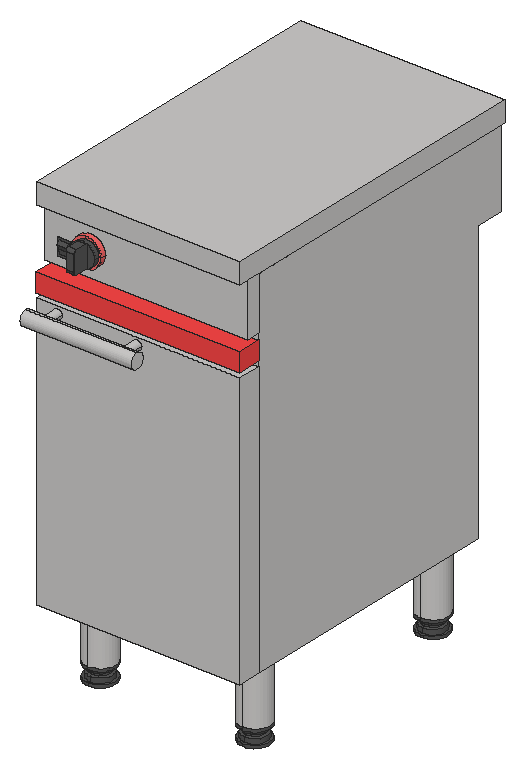
Revit family "ADB Plate warming cabinet CME 401 CA", category Equipement spécialisé, Revit 2022
Family settings
  Cote de connecteur circulaire = Utiliser le diamètre
  Type d'élément = Normal
  Numéro OmniClass = 23.40.40.14.17.11
  Titre OmniClass = Cookers, Ovens, Stoves
  Basée sur le plan de construction = Non
  Toujours verticalement = Oui
  Couper avec des vides une fois chargée = Non
  Conserver l'orientation des annotations = Non
  Partagée = Non
  Repère de localisation dans la pièce = Non
Parameters (values of type "CME 401 CA")
  URL Cutsheet = "https://www.ambassade-de-bourgogne.com/fr/produits/armoires/Resources/CME-401-CA.pdf"
  URL = "https://www.ambassade-de-bourgogne.com/fr/produits/armoires/Resources/CME-401-CA.pdf"
  Electric Connection Type [instance] = "Bornier 40A"  # constant formula
  Item Number = ""
  Volts [instance] = 230 V  # constant formula
  Specification by Manufacturer = ""
  Electrical Remarks [instance] = "230V(MONO) commutable 400V(TRI)"  # constant formula
  Electric power = 1000 W
  Door hinges inversion option [instance] = no
  Depth [instance] = 705 mm + if([Wall-spacer DSA 400], 50 mm, 0 mm)  # 705 mm
  Weight [instance] = 47.00 kg + if([Wall-spacer DSA 400], 1.00 kg, 0.00 kg)  # 47.00 kg
  Phase [instance] = 1  # constant formula
  Number of Poles [instance] = Phase  # 1
  Modèle = "CME 401 CA"
  Length [instance] = 400 mm  # constant formula
  Operational Current [instance] = Electric power / (230 V * Phase)  # 4.34783 A
  Height [instance] = 900 mm + if([Wall-spacer DSA 400], 100 mm, 0 mm)  # 900 mm
  Cycle [instance] = 50 Hz  # constant formula
  Fabricant = "Société Industrielle de Lacanche"  # constant formula
  Elévation par défaut = 0 mm
  Wall-spacer DSA 400 [instance] = no
  Dosseret [instance] = if([Wall-spacer DSA 400], 50 mm, 0 mm)  # 0 mm
  Description = "GN1/1 Plate warmer cupboard"
  Connectors [instance] = yes
  Commentaires du type = "Ambassade range - Cupboards - Plate warming cabinet"
  D = 750 mm
  C = 200 mm
Reference planes
  plane 1 "Centre (avant/arrière)": y = 0
  plane 2: z = 0
  plane 3 "Centre (gauche/droite)": x = 0
  plane 4 "gauche": x = -200
  plane 5 "droite": x = 200
  plane 6 "fond de meuble": y = 325
  plane 7 "avant": y = -325
  plane 8 "arrière": y = 325
  plane 9: z = 900
  plane 10: x = 0
  plane 11: z = 750
  plane 12: y = -380
Forms (mm)
  Extrusion 1, solid, material "ADB_Network_Electricity_Yellow", visible <- "Connectors", detail levels medium+fine
    sketch origin (200, 315, 707) x (-1, 0, 0) y (0, 0, 1)
      loop
        circle (200, 43) r 10
    from 0 to 10
  Extrusion 2, solid, detail levels coarse
    sketch origin (0, 0, 0) x (1, 0, 0) y (0, 1, 0)
      loop
        line (-200, 325) -> (-200, -380) -> (200, -380) -> (200, 325) -> (-200, 325)
    from 0 to 900 <- "Height"
  Extrusion 3, solid, material "ADB_Plastic-Black", detail levels fine
    sketch origin (180.5, -306, 834.8) x (-1, 0, 0) y (0, 0, -1)
      loop
        line (352.5, 29.5) -> (352.5, 61.5) -> (327.5, 61.5) -> (327.5, 29.5) -> (352.5, 29.5)
    from 0 to 2
  Extrusion 4, solid, material "ADB_Plastic-Black", detail levels fine
    sketch origin (-119.5, 0, -25) x (0, 1, 0) y (0, 0, 1)
      loop
        line (-308, 827.032) -> (-315.045, 821.027) -> (-309.906, 812.126) -> (-308, 802) -> (-308, 827.032)
    from -49.5 to -30.5
Dimensions and locks
  equal spacing: plane 5 "droite", plane 3 "Centre (gauche/droite)", plane 4 "gauche"
  "Length": plane 5 "droite" to plane 4 "gauche"
  plane 6 "fond de meuble" to plane 7 "avant" = 650 mm
  locked: plane 7 "avant" to plane 1 "Centre (avant/arrière)" at 325
  "Dosseret": plane 8 "arrière" to plane 6 "fond de meuble"
  "Height": plane 9 to plane 2
  "D": plane 2 to plane 11
  "C": plane 5 "droite" to plane 10
  "Depth": plane 8 "arrière" to plane 12
  aligned and locked: level to plane 2
  aligned and locked: plane 3 "Centre (gauche/droite)" to nested 1
  aligned and locked: Extrusion 1 sketch curve to plane 10
  aligned and locked: plane 11 to Extrusion 1 sketch curve
  aligned and locked: plane 8 "arrière" to Extrusion 2
  aligned and locked: Extrusion 2 to plane 12
Automatic sketch dimensions
  Extrusion 2 sketch curve to plane 4 "gauche" = 0 mm
  Extrusion 2 sketch curve to plane 5 "droite" = 0 mm
  Extrusion 2 sketch curve to plane 7 "avant" = 55 mm
  plane 6 "fond de meuble" to Extrusion 2 sketch curve = 0 mm
  plane 4 "gauche" to Extrusion 3 sketch curve = 53 mm
  Extrusion 3 sketch curve to plane 11 = 23.3 mm
  Extrusion 3 sketch curve to Extrusion 3 sketch curve = 25 mm
  Extrusion 3 sketch curve to Extrusion 3 sketch curve = 32 mm
  plane 7 "avant" to Extrusion 4 sketch curve = 9.955 mm
  Extrusion 4 sketch curve to Extrusion 4 sketch curve = 5.139 mm
  Extrusion 4 sketch curve to Extrusion 4 sketch curve = 1.906 mm
  Extrusion 4 sketch curve to plane 11 = 27 mm
  Extrusion 4 sketch curve to Extrusion 4 sketch curve = 10.126 mm
  Extrusion 4 sketch curve to Extrusion 4 sketch curve = 8.901 mm
  Extrusion 4 sketch curve to Extrusion 4 sketch curve = 6.005 mm
  radius of Extrusion 1 sketch curve = 10 mm
Nested families
  nested 1: "Soubassement armoire" at (0, 0, 0), Dosseret <- "Wall-spacer DSA 400", Door hinges inversion option <- "Door hinges inversion option", type "1 armoire", detail levels medium+fine
    with Depth 703 mm, Door hinges inversion option no, Porte yes, Length 400 mm, Height 900 mm, Encombrement Porte standard yes, Encombrement Porte inversée no, Echelle yes, Décalage poignée 233.5 mm, Dosseret no, Longueur produit 400 mm
  nested 2: "Bouton" at (-109, -306, 804.565) x (1, 0, 0) z (0, -1, 0), type "Bouton"
Connectors
  electrical at (0, 315, 750), driven by "Number of Poles", driven by "Volts", driven by "Electric power"
    settings: on Extrusion 1, index 1, voltage 230 V, apparent load 1000 VA, apparent load phase1 0 VA, apparent load phase2 0 VA, apparent load phase3 0 VA, power factor 1, load classification "Autre", number of poles 1, system type 30, power factor state 1, is connector primary yes, connector utility no, sub classification motor no, connector description "Electrique"
Definition of nested family "Soubassement armoire"
  Parameters (values of type "1 armoire")
    Profondeur produit = 650 mm
    Profondeur baie libre = if(Baie libre, Profondeur produit - 68 mm, 1 mm)  # 582 mm
    Door hinges inversion option [instance] = no
    Longueur poignée = 229 mm  # constant formula
    Encombrement Porte inversée [instance] = and(Porte, Door hinges inversion option)  # no
    Encombrement Porte standard [instance] = and(Porte, not(Door hinges inversion option))  # no
    Porte [instance] = no
    Depth [instance] = Profondeur produit + if(Dosseret, 50 mm, 0 mm) + 53 mm  # 703 mm
    Longueur produit = 600 mm
    Length [instance] = Longueur produit  # 600 mm
    Hauteur produit = 900 mm
    Height [instance] = Hauteur produit + if(Dosseret, 100 mm, 0 mm)  # 900 mm
    Default Elevation = 0 mm
    Echelle [instance] = no
    Décalage poignée [instance] = if(Door hinges inversion option, Length, 233.5 mm)  # 233.5 mm
    Dosseret [instance] = no
    Baie libre = yes
  Reference planes
    plane 1 "Centre (avant/arrière)": y = 0
    plane 2: z = 0
    plane 3 "Centre (gauche/droite)": x = 0
    plane 4 "Gauche": x = -300
    plane 5 "Arrière": y = 325
    plane 6 "Droite": x = 300
    plane 7 "Avant": y = -325
    plane 8 "dessous meuble": z = 155
    plane 9 "Dessus de plan": z = 900
    plane 10 "Baguette coloré": z = 696
    plane 11 "dessous plan": z = 860
    plane 12 "Face": y = -280
    plane 13 "commande": z = 755
    plane 14 "dessus dosseret": z = 900
    plane 15: y = -377.967
    plane 16: y = 325.033
    plane 17 "Baguette colorë": y = -780
    plane 18: x = -66.5
  Forms (mm)
    Extrusion 1, solid, visible <- "Porte", detail levels medium+fine
      sketch origin (-300, 0, 0) x (0, 1, 0) y (0, 0, 1)
        loop
          line (-325, 155) -> (-280, 155) -> (-280, 696) -> (-325, 696) -> (-325, 155)
      from 0 to 600 <- "Length"
    Extrusion 2, solid, detail levels medium+fine
      sketch origin (-300, 0, 0) x (0, 1, 0) y (0, 0, 1)
        loop
          line (-280, 742.5) -> (-327, 742.5) -> (-327, 705) -> (-280, 705) -> (-280, 742.5)
      from 0 to 600 <- "Length"
    Extrusion 3, solid, detail levels medium+fine
      sketch origin (-300, 0, 0) x (0, 1, 0) y (0, 0, 1)
        loop
          line (325, 900) -> (-325, 900) -> (-325, 860) -> (325, 860) -> (325, 900)
      from 0 to 600 <- "Length"
    Extrusion 4, void
      sketch origin (0, -325, 0) x (-1, 0, 0) y (0, 0, 1)
        loop
          line (266, 679) -> (-266, 679) -> (-266, 261.5) -> (266, 261.5) -> (266, 679)
      from 0 to 582 <- "Profondeur baie libre"
    Extrusion 5, solid, detail levels medium+fine
      sketch origin (-300, 0, 0) x (0, 1, 0) y (0, 0, 1)
        loop
          line (-280, 860) -> (-306, 860) -> (-306, 755) -> (-280, 755) -> (-280, 860)
      from 0 to 600 <- "Length"
    Extrusion 6, solid, detail levels medium+fine
      sketch origin (-300, 0, 0) x (0, 1, 0) y (0, 0, 1)
        loop
          line (315, 860) -> (-280, 860) -> (-280, 155) -> (260, 155) -> (260, 707) -> (315, 707) -> (315, 860)
      from 0 to 600 <- "Length"
    Revolve 7, solid, detail levels medium+fine
      sketch origin (251.965, 0, 0) x (0, 1, 0) y (0, 0, -1)
        loop
          line (-258.968, -155) -> (-229, -155) -> (-229, 0) -> (-258.492, 0) -> (-258.492, -5) -> (-253.001, -5) -> (-253.001, -13.586) -> (-248.857, -16.488) -> (-248.857, -22) -> (-252.82, -22) -> (-258.968, -28.148) -> (-258.968, -34) -> (-258.968, -155)
        axis (-229, 0) -> (-229, -155)
      angle from 0 to 360
    Revolve 8, solid, detail levels medium+fine
      sketch origin (-251.965, 0, 0) x (0, 1, 0) y (0, 0, 1)
        loop
          line (-258.968, 155) -> (-258.968, 34) -> (-258.968, 28.148) -> (-252.82, 22) -> (-248.857, 22) -> (-248.857, 16.488) -> (-253.001, 13.586) -> (-253.001, 5) -> (-258.492, 5) -> (-258.492, 0) -> (-229, 0) -> (-229, 155) -> (-258.968, 155)
        axis (-229, 0) -> (-229, 155)
      angle from 0 to 360
    Revolve 9, solid, detail levels medium+fine
      sketch origin (-251.965, -20, 0) x (0, -1, 0) y (0, 0, -1)
        loop
          line (-258.968, -155) -> (-229, -155) -> (-229, 0) -> (-258.492, 0) -> (-258.492, -5) -> (-253.001, -5) -> (-253.001, -13.586) -> (-248.857, -16.488) -> (-248.857, -22) -> (-252.82, -22) -> (-258.968, -28.148) -> (-258.968, -34) -> (-258.968, -155)
        axis (-229, 0) -> (-229, -155)
      angle from 0 to 360
    Extrusion 10, solid, visible <- "Dosseret", detail levels medium+fine
      sketch origin (-300, 0, 0) x (0, 1, 0) y (0, 0, 1)
        loop
          line (375.033, 1000) -> (325, 1000) -> (325, 860) -> (375.033, 860) -> (375.033, 1000)
      from 0 to 600 <- "Length"
    Revolve 11, solid, detail levels medium+fine
      sketch origin (251.965, -20, 0) x (0, -1, 0) y (0, 0, 1)
        loop
          line (-258.968, 155) -> (-258.968, 34) -> (-258.968, 28.148) -> (-252.82, 22) -> (-248.857, 22) -> (-248.857, 16.488) -> (-253.001, 13.586) -> (-253.001, 5) -> (-258.492, 5) -> (-258.492, 0) -> (-229, 0) -> (-229, 155) -> (-258.968, 155)
        axis (-229, 0) -> (-229, 155)
      angle from 0 to 360
    Extrusion 12, void
      sketch origin (0, 0, 900) x (0, -1, 0) y (1, 0, 0)
        loop
          line (-307.033, -266.567) -> (-293.033, -266.567) -> (-293.033, 266.464) -> (-307.033, 266.464) -> (-307.033, -266.567)
      from 0 to -0.8
    Extrusion 13, solid, detail levels medium+fine
      sketch origin (-300, 260, 155) x (0, 0, 1) y (1, 0, 0)
        loop
          line (65, 454) -> (65, 146) -> (552, 146) -> (552, 454) -> (65, 454)
      from 0 to 35
    Extrusion 14, solid, visible <- "Echelle"
      sketch origin (0, 0, 0) x (1, 0, 0) y (0, 0, 1)
        loop
          line (-266, 648.8) -> (-266, 623.8) -> (-256.5, 623.8) -> (-256.5, 625) -> (-264.8, 625) -> (-264.8, 647.6) -> (-248, 647.6) -> (-248, 648.8) -> (-266, 648.8)
        loop
          line (-266, 548.8) -> (-266, 523.8) -> (-256.5, 523.8) -> (-256.5, 525) -> (-264.8, 525) -> (-264.8, 547.6) -> (-248, 547.6) -> (-248, 548.8) -> (-266, 548.8)
        loop
          line (-266, 448.8) -> (-266, 423.8) -> (-256.5, 423.8) -> (-256.5, 425) -> (-264.8, 425) -> (-264.8, 447.6) -> (-248, 447.6) -> (-248, 448.8) -> (-266, 448.8)
        loop
          line (-266, 348.8) -> (-266, 323.8) -> (-256.5, 323.8) -> (-256.5, 325) -> (-264.8, 325) -> (-264.8, 347.6) -> (-248, 347.6) -> (-248, 348.8) -> (-266, 348.8)
      from -113.466 to 206.5
    Extrusion 15, solid, visible <- "Echelle"
      sketch origin (0, 0, 0) x (-1, 0, 0) y (0, 0, -1)
        loop
          line (-266, -648.8) -> (-248, -648.8) -> (-248, -647.6) -> (-264.8, -647.6) -> (-264.8, -625) -> (-256.5, -625) -> (-256.5, -623.8) -> (-266, -623.8) -> (-266, -648.8)
        loop
          line (-266, -548.8) -> (-248, -548.8) -> (-248, -547.6) -> (-264.8, -547.6) -> (-264.8, -525) -> (-256.5, -525) -> (-256.5, -523.8) -> (-266, -523.8) -> (-266, -548.8)
        loop
          line (-266, -448.8) -> (-248, -448.8) -> (-248, -447.6) -> (-264.8, -447.6) -> (-264.8, -425) -> (-256.5, -425) -> (-256.5, -423.8) -> (-266, -423.8) -> (-266, -448.8)
        loop
          line (-266, -348.8) -> (-248, -348.8) -> (-248, -347.6) -> (-264.8, -347.6) -> (-264.8, -325) -> (-256.5, -325) -> (-256.5, -323.8) -> (-266, -323.8) -> (-266, -348.8)
      from -113.466 to 206.5
  Cuts and joins
    Extrusion 4 cuts Extrusion 6
    Extrusion 12 cuts Extrusion 10
  Lines and regions (mm)
    symbolic lines, visible <- "Encombrement Porte standard"
      curve 1: line (300, -280, 155) -> (300, -880, 155)
      curve 4: arc (-300, -280, 155) -> (-124.264, -704.264, 155) -> (300, -880, 155) r 600
    symbolic lines, visible <- "Encombrement Porte inversée"
      curve 2: line (-300, -280, 155) -> (-300, -880, 155)
      curve 3: arc (300, -280, 155) -> (124.264, -704.264, 155) -> (-300, -880, 155) r 600
  Dimensions and locks
    equal spacing: plane 7 "Avant", plane 1 "Centre (avant/arrière)", plane 5 "Arrière"
    "Profondeur produit": plane 5 "Arrière" to plane 7 "Avant"
    equal spacing: plane 4 "Gauche", plane 3 "Centre (gauche/droite)", plane 6 "Droite"
    "Longueur produit": plane 4 "Gauche" to plane 6 "Droite"
    "Hauteur produit": plane 9 "Dessus de plan" to plane 2
    locked: plane 8 "dessous meuble" to plane 2 at 155
    locked: plane 9 "Dessus de plan" to plane 11 "dessous plan" at 40
    locked: plane 7 "Avant" to plane 12 "Face" at 45
    locked: plane 13 "commande" to plane 10 "Baguette coloré" at 59
    locked: plane 11 "dessous plan" to plane 13 "commande" at 105
    Extrusion 4 sketch curve to plane 8 "dessous meuble" = 106.5 mm
    Extrusion 4 sketch curve to plane 6 "Droite" = 34 mm
    Extrusion 4 sketch curve to plane 4 "Gauche" = 34 mm
    plane 10 "Baguette coloré" to Extrusion 4 sketch curve = 17 mm
    "Height": plane 14 "dessus dosseret" to plane 2
    locked: plane 7 "Avant" to plane 15 at 52.967
    "Depth": plane 15 to plane 16
    equal spacing: Extrusion 13 sketch curve, plane 3 "Centre (gauche/droite)", Extrusion 13 sketch curve
    "Décalage poignée": plane 18 to plane 4 "Gauche"
    locked: plane 4 "Gauche" to Revolve 9 at 18.067
    locked: Revolve 11 to plane 6 "Droite" at 18.067
    locked: Revolve 7 to plane 6 "Droite" at 18.067
    locked: plane 4 "Gauche" to Revolve 8 at 18.067
    locked: Revolve 8 to plane 12 "Face" at 21.032
    locked: Revolve 7 to plane 12 "Face" at 21.032
    locked: plane 5 "Arrière" to Extrusion 10 sketch curve at 50.033
    plane 16 to Extrusion 12 sketch curve to Extrusion 12 sketch curve = 18 mm locked, 14 mm locked
    aligned and locked: level to plane 2
    aligned and locked: plane 18 to nested 1
  Automatic sketch dimensions
    Extrusion 1 sketch curve to plane 7 "Avant" = 0 mm
    Extrusion 1 sketch curve to plane 10 "Baguette coloré" = 0 mm
    Extrusion 1 sketch curve to plane 12 "Face" = 0 mm
    Extrusion 1 sketch curve to plane 8 "dessous meuble" = 0 mm
    Extrusion 2 sketch curve to plane 12 "Face" = 0 mm
    Extrusion 2 sketch curve to plane 7 "Avant" = 2 mm
    plane 10 "Baguette coloré" to Extrusion 2 sketch curve = 9 mm
    Extrusion 2 sketch curve to plane 13 "commande" = 12.5 mm
    Extrusion 3 sketch curve to plane 7 "Avant" = 0 mm
    Extrusion 3 sketch curve to plane 5 "Arrière" = 0 mm
    Extrusion 3 sketch curve to plane 11 "dessous plan" = 0 mm
    Extrusion 3 sketch curve to plane 9 "Dessus de plan" = 0 mm
    Extrusion 5 sketch curve to plane 11 "dessous plan" = 0 mm
    Extrusion 5 sketch curve to plane 13 "commande" = 0 mm
    Extrusion 5 sketch curve to plane 12 "Face" = 0 mm
    plane 7 "Avant" to Extrusion 5 sketch curve = 19 mm
    Extrusion 6 sketch curve to plane 11 "dessous plan" = 0 mm
    Extrusion 6 sketch curve to plane 12 "Face" = 0 mm
    Extrusion 6 sketch curve to plane 8 "dessous meuble" = 0 mm
    Extrusion 6 sketch curve to plane 5 "Arrière" = 65 mm
    Extrusion 6 sketch curve to plane 5 "Arrière" = 10 mm
    plane 10 "Baguette coloré" to Extrusion 6 sketch curve = 11 mm
    Revolve 7 sketch curve to plane 8 "dessous meuble" = 0 mm
    Revolve 7 sketch curve to level = 0 mm
    plane 12 "Face" to Revolve 7 sketch curve = 21.032 mm
    plane 12 "Face" to Revolve 7 sketch curve = 21.508 mm
    Revolve 7 sketch curve to Revolve 7 sketch curve = 5.491 mm
    Revolve 7 sketch curve to Revolve 7 sketch curve = 0.181 mm
    Revolve 7 sketch curve to Revolve 7 sketch curve = 3.964 mm
    Revolve 7 sketch curve to Revolve 7 sketch curve = 24.001 mm
    level to Revolve 7 sketch curve = 34 mm
    Revolve 7 sketch curve to Revolve 7 sketch curve = 5.852 mm
    Revolve 7 sketch curve to Revolve 7 sketch curve = 6.148 mm
    Revolve 7 sketch curve to Revolve 7 sketch curve = 5.512 mm
    Revolve 7 sketch curve to Revolve 7 sketch curve = 2.902 mm
    level to Revolve 7 sketch curve = 5 mm
    Revolve 7 sketch curve to Revolve 7 sketch curve = 0 mm
    plane 8 "dessous meuble" to Revolve 7 sketch curve = 19 mm
    Revolve 7 sketch curve to Revolve 7 sketch curve = 12 mm
    Revolve 8 sketch curve to plane 8 "dessous meuble" = 0 mm
    Revolve 8 sketch curve to level = 0 mm
    plane 12 "Face" to Revolve 8 sketch curve = 21.032 mm
    plane 12 "Face" to Revolve 8 sketch curve = 21.508 mm
    Revolve 8 sketch curve to Revolve 8 sketch curve = 5.491 mm
    Revolve 8 sketch curve to Revolve 8 sketch curve = 0.181 mm
    Revolve 8 sketch curve to Revolve 8 sketch curve = 3.964 mm
    Revolve 8 sketch curve to Revolve 8 sketch curve = 24.001 mm
    level to Revolve 8 sketch curve = 5 mm
    Revolve 8 sketch curve to Revolve 8 sketch curve = 8.586 mm
    Revolve 8 sketch curve to Revolve 8 sketch curve = 2.902 mm
    Revolve 8 sketch curve to Revolve 8 sketch curve = 5.512 mm
    Revolve 8 sketch curve to Revolve 8 sketch curve = 6.148 mm
    Revolve 8 sketch curve to Revolve 8 sketch curve = 5.852 mm
    Revolve 8 sketch curve to Revolve 8 sketch curve = 0 mm
    Revolve 8 sketch curve to Revolve 8 sketch curve = 12 mm
    plane 8 "dessous meuble" to Revolve 8 sketch curve = 19 mm
    Revolve 9 sketch curve to plane 8 "dessous meuble" = 0 mm
    Revolve 9 sketch curve to level = 0 mm
    level to Revolve 9 sketch curve = 28.148 mm
    Revolve 9 sketch curve to plane 5 "Arrière" = 86.032 mm
    Revolve 9 sketch curve to Revolve 9 sketch curve = 0.477 mm
    level to Revolve 9 sketch curve = 13.586 mm
    Revolve 9 sketch curve to Revolve 9 sketch curve = 5.491 mm
    Revolve 9 sketch curve to Revolve 9 sketch curve = 0.181 mm
    Revolve 9 sketch curve to Revolve 9 sketch curve = 3.964 mm
    Revolve 9 sketch curve to Revolve 9 sketch curve = 24.001 mm
    Revolve 9 sketch curve to Revolve 9 sketch curve = 5.852 mm
    Revolve 9 sketch curve to Revolve 9 sketch curve = 8.414 mm
    Revolve 9 sketch curve to Revolve 9 sketch curve = 2.902 mm
    level to Revolve 9 sketch curve = 5 mm
    Revolve 9 sketch curve to Revolve 9 sketch curve = 0 mm
    plane 8 "dessous meuble" to Revolve 9 sketch curve = 19 mm
    Revolve 9 sketch curve to Revolve 9 sketch curve = 12 mm
    Extrusion 10 sketch curve to plane 5 "Arrière" = 0 mm
    Extrusion 10 sketch curve to plane 11 "dessous plan" = 0 mm
    plane 9 "Dessus de plan" to Extrusion 10 sketch curve = 100 mm
    curve 3 to plane 6 "Droite" = 0 mm
    curve 3 to plane 4 "Gauche" = 0 mm
    curve 4 to plane 4 "Gauche" = 0 mm
    curve 4 to plane 12 "Face" = 0 mm
    curve 2 to plane 12 "Face" = 0 mm
    curve 3 to plane 12 "Face" = 0 mm
    Revolve 11 sketch curve to plane 8 "dessous meuble" = 0 mm
    Revolve 11 sketch curve to level = 0 mm
    level to Revolve 11 sketch curve = 28.148 mm
    Revolve 11 sketch curve to plane 5 "Arrière" = 86.032 mm
    Revolve 11 sketch curve to Revolve 11 sketch curve = 0.477 mm
    level to Revolve 11 sketch curve = 13.586 mm
    Revolve 11 sketch curve to Revolve 11 sketch curve = 5.491 mm
    Revolve 11 sketch curve to Revolve 11 sketch curve = 0.181 mm
    Revolve 11 sketch curve to Revolve 11 sketch curve = 3.964 mm
    Revolve 11 sketch curve to Revolve 11 sketch curve = 24.001 mm
    level to Revolve 11 sketch curve = 5 mm
    Revolve 11 sketch curve to Revolve 11 sketch curve = 2.902 mm
    Revolve 11 sketch curve to Revolve 11 sketch curve = 5.512 mm
    Revolve 11 sketch curve to Revolve 11 sketch curve = 5.852 mm
    Revolve 11 sketch curve to Revolve 11 sketch curve = 0 mm
    Revolve 11 sketch curve to Revolve 11 sketch curve = 12 mm
    plane 8 "dessous meuble" to Revolve 11 sketch curve = 19 mm
    plane 4 "Gauche" to Extrusion 12 sketch curve = 33.433 mm
    plane 6 "Droite" to Extrusion 12 sketch curve = 33.536 mm
    Extrusion 13 sketch curve to Extrusion 6 = 0 mm
    Extrusion 6 to Extrusion 13 sketch curve = 65 mm
    Extrusion 6 to Extrusion 13 sketch curve = 146 mm
    plane 4 "Gauche" to Extrusion 14 sketch curve = 34 mm  (x4)
    Extrusion 14 sketch curve to Extrusion 14 sketch curve = 1.2 mm  (x12)
    Extrusion 14 sketch curve to Extrusion 14 sketch curve = 8.3 mm  (x4)
    Extrusion 14 sketch curve to Extrusion 14 sketch curve = 16.8 mm  (x4)
    plane 8 "dessous meuble" to Extrusion 14 sketch curve = 168.8 mm
    Extrusion 14 sketch curve to Extrusion 14 sketch curve = 22.6 mm  (x4)
    Extrusion 14 sketch curve to Extrusion 14 sketch curve = 75 mm  (x2)
    Extrusion 14 sketch curve to plane 10 "Baguette coloré" = 72.2 mm
    plane 6 "Droite" to Extrusion 15 sketch curve = 34 mm  (x4)
    Extrusion 15 sketch curve to Extrusion 15 sketch curve = 1.2 mm  (x12)
    Extrusion 15 sketch curve to Extrusion 15 sketch curve = 8.3 mm  (x4)
    Extrusion 15 sketch curve to Extrusion 15 sketch curve = 16.8 mm  (x4)
    Extrusion 15 sketch curve to plane 10 "Baguette coloré" = 47.2 mm
    Extrusion 15 sketch curve to Extrusion 15 sketch curve = 22.6 mm  (x4)
    Extrusion 15 sketch curve to Extrusion 15 sketch curve = 75 mm  (x3)
    curve 1 to plane 6 "Droite" = 0 mm
    curve 1 to plane 12 "Face" = 0 mm
  Nested families
    nested 1: "Poignée" at (-181, -325, 681.933) x (1, 0, 0) z (0, -1, 0), visible <- "Porte", Longueur <- "Longueur poignée", type "Poignée", detail levels fine
      with Longueur 229 mm
  Definition of nested family "Poignée"
    Parameters (values of type "Poignée")
      Longueur [instance] = 800 mm
      Default Elevation = 1219.2 mm
    Reference planes
      plane 1 "Centre (avant/arrière)": y = 0
      plane 2: z = 0
      plane 3 "Centre (gauche/droite)": x = 0
      plane 4: x = -400
      plane 5: x = 400
      plane 6: x = -395
      plane 7: x = 395
    Forms (mm)
      Extrusion 1, solid
        sketch origin (0, 0, 0) x (1, 0, 0) y (0, 1, 0)
          loop
            line (-1219.2, 1219.2) -> (-1219.2, -1219.2) -> (1219.2, -1219.2) -> (1219.2, 1219.2) -> (-1219.2, 1219.2)
        from 0 to -304.8
      Extrusion 2, solid
        sketch origin (0, 0, 0) x (0, 1, 0) y (0, 0, 1)
          loop
            circle (0, 38.995) r 13.972
        from -395 to 395
      Extrusion 3, solid
        sketch origin (0, 0, 0) x (1, 0, 0) y (0, 1, 0)
          loop
            circle (-363.542, 0) r 8.5
          loop
            circle (363.453, 0) r 8.5
        from 0 to 37.089
    Cuts and joins
      joined: Extrusion 2, Extrusion 3
    Dimensions and locks
      equal spacing: plane 4, plane 3 "Centre (gauche/droite)", plane 5
      "Longueur": plane 4 to plane 5
      locked: plane 4 to plane 6 at 5
      locked: plane 7 to plane 5 at 5
      locked: plane 6 to Extrusion 3 sketch curve at 31.458
      locked: Extrusion 3 sketch curve to plane 7 at 31.547
      aligned and locked: plane 2 to Extrusion 1
      aligned and locked: level to Extrusion 1
      aligned and locked: plane 6 to Extrusion 2
      aligned and locked: Extrusion 2 to plane 7
      aligned and locked: plane 1 "Centre (avant/arrière)" to Extrusion 3 sketch curve
    Automatic sketch dimensions
      Extrusion 1 sketch curve to Extrusion 1 sketch curve = 2438.4 mm  (x2)
      Extrusion 2 sketch curve to plane 1 "Centre (avant/arrière)" = 0 mm
      level to Extrusion 2 sketch curve = 38.995 mm
      plane 1 "Centre (avant/arrière)" to Extrusion 3 sketch curve = 0 mm
      radius of Extrusion 2 sketch curve = 13.972 mm
      radius of Extrusion 3 sketch curve = 8.5 mm  (x2)
Definition of nested family "Bouton"
  Parameters (values of type "Bouton")
    Matériau base bouton = none
    Default Elevation = 1219.2 mm
  Reference planes
    plane 1 "Centre (avant/arrière)": y = 0
    plane 2: z = 0
    plane 3 "Centre (gauche/droite)": x = 0
  Forms (mm)
    Extrusion 1, solid
      sketch origin (0, 0, 0) x (1, 0, 0) y (0, 1, 0)
        loop
          line (-1219.2, 1219.2) -> (-1219.2, -1219.2) -> (1219.2, -1219.2) -> (1219.2, 1219.2) -> (-1219.2, 1219.2)
      from 0 to -304.8
    Extrusion 2, solid, material <- "Matériau base bouton", detail levels fine
      sketch origin (0, 0, 0) x (1, 0, 0) y (0, 1, 0)
        loop
          circle (0, 0) r 28.5
      from 0 to 11.5
    Extrusion 3, solid, detail levels fine
      sketch origin (0, 0, 0) x (1, 0, 0) y (0, 1, 0)
        loop
          circle (0, 0) r 24.1
      from 11.5 to 20.5
    Extrusion 4, solid, detail levels fine
      sketch origin (0, 0, 0) x (1, 0, 0) y (0, 0, 1)
        loop
          line (-8.082, 20.5) -> (8.082, 20.5) -> (7.58, 49.253)
          arc (7.58, 49.253) -> (6.684, 51.34) -> (4.581, 52.2) r 3
          line (4.581, 52.2) -> (-4.581, 52.2)
          arc (-4.581, 52.2) -> (-6.684, 51.34) -> (-7.58, 49.253) r 3
          line (-7.58, 49.253) -> (-8.082, 20.5)
      from -22.082 to 22.162
    Extrusion 5, void
      sketch origin (0, 0, 0) x (0, 1, 0) y (0, 0, 1)
        loop
          line (-15.762, 50.701) -> (15.682, 50.701)
          arc (15.682, 50.701) -> (20.208, 48.826) -> (22.082, 44.301) r 6.4
          line (22.082, 44.301) -> (22.082, 41.701) -> (24.232, 41.701) -> (24.232, 54.688) -> (-24.768, 54.688) -> (-24.768, 41.701) -> (-22.162, 41.701) -> (-22.162, 44.301)
          arc (-22.162, 44.301) -> (-20.287, 48.826) -> (-15.762, 50.701) r 6.4
      from -15.908 to 13.709
  Cuts and joins
    Extrusion 5 cuts Extrusion 4
  Lines and regions (mm)
    symbolic lines, detail levels fine
      curve 1: line (0, -28.5, 0) -> (0, 28.5, 0)
  Dimensions and locks
    aligned and locked: plane 2 to Extrusion 1
    aligned and locked: level to Extrusion 1
